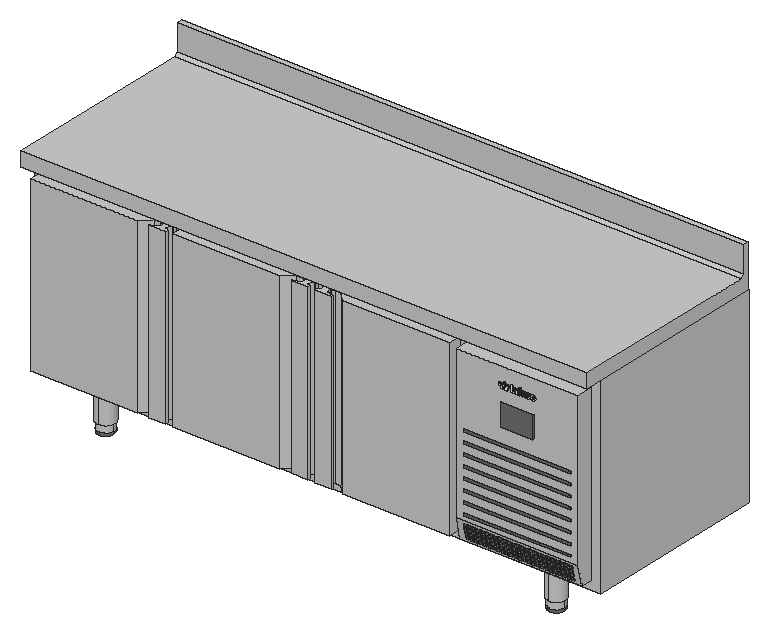
Revit family "QF_INFRICO_BMGN1960II_250808014312", category Specialty Equipment, Revit 2021 (continued)
Definition of nested family "QF_INFRICO_LEGS_8024"
  Types (29, lengths in mm): name | Model | Length | Height | Depth | CentralLegs
    LEGS_1960_700 | "LEGS_1960_700" | 1960 | 140 | 700 | no
    LEGS_1470_700 | "LEGS_1470_700" | 1468 | 140 | 700 | no
    LEGS_2450_700 | "LEGS_2450_700" | 2452 | 140 | 700 | yes
    LEGS_1470_600 | "LEGS_1470_600" | 1468 | 140 | 600 | no
    LEGS_1960_600 | "LEGS_1960_600" | 1960 | 140 | 600 | no
    LEGS_2450_600 | "LEGS_2450_600" | 2452 | 140 | 600 | yes
    LEGS_1610_800 | "LEGS_1610_800" | 1618 | 140 | 800 | no
    LEGS_2190_800 | "LEGS_2190_800" | 2185 | 140 | 800 | no
    LEGS_2750_800 | "LEGS_2750_800" | 2752 | 140 | 800 | yes
    LEGS_1160_700 | "LEGS_1160_700" | 1160 | 140 | 700 | no
    LEGS_1650_700 | "LEGS_1650_700" | 1652 | 140 | 700 | no
    LEGS_2140_700 | "LEGS_2140_700" | 2144 | 140 | 700 | yes
    LEGS_1960_640 | "LEGS_1960_640" | 1960 | 140 | 638 | no
    LEGS_1470_640 | "LEGS_1470_640" | 1468 | 140 | 638 | no
    LEGS_1160_600 | "LEGS_1160_600" | 1160 | 140 | 600 | no
    LEGS_1650_600 | "LEGS_1650_600" | 1652 | 140 | 600 | no
    LEGS_1310_800 | "LEGS_1310_800" | 1310 | 140 | 800 | no
    LEGS_1890_800 | "LEGS_1890_800" | 1877 | 140 | 800 | no
    LEGS_2440_800 | "LEGS_2440_800" | 2444 | 140 | 800 | yes
    LEGS_1610_740 | "LEGS_1610_740" | 1618 | 140 | 738 | no
    LEGS_2190_740 | "LEGS_2190_740" | 2185 | 140 | 738 | no
    LEGS_2140_600 | "LEGS_2140_600" | 2144 | 140 | 600 | yes
    LEGS_980_800 | "LEGS_980_800" | 980 | 150 | 800 | no
    LEGS_1470_800 | "LEGS_1470_800" | 1468 | 150 | 800 | no
    LEGS_1740_800 | "LEGS_1740_800" | 1738 | 140 | 800 | no
    LEGS_2300_800 | "LEGS_2300_800" | 2305 | 140 | 800 | yes
    LEGS_1690_800 | "LEGS_1690_800" | 1693 | 140 | 800 | no
    LEGS_2260_800 | "LEGS_2260_800" | 2260 | 140 | 800 | yes
    LEGS_1460_700 | "LEGS_1460_700" | 1460 | 140 | 700 | no
  Reference planes
    plane 1 "Back": y = 0
    plane 2: z = 0
    plane 3 "Left": x = 0
    plane 4 "Right": x = 2185
    plane 5 "Front": y = -738
    plane 6 "Top": z = 140
    plane 7 "Central": x = 1092.5
  Forms (mm)
    Extrusion 1, solid
      sketch origin (0, 0, 140) x (0, 1, 0) y (-1, 0, 0)
        loop
          line (-568, -154.986) -> (-668, -154.986) -> (-668, -244.986) -> (-568, -244.986) -> (-568, -154.986)
      from 0 to -3
    Extrusion 2, solid
      sketch origin (0, 0, 0) x (1, 0, 0) y (0, 1, 0)
        loop
          circle (199.986, -618) r 28
      from 9 to 35
    Extrusion 3, solid
      sketch origin (0, 0, 0) x (1, 0, 0) y (0, 1, 0)
        loop
          circle (199.986, -618) r 28.5
      from 0 to 9
    Sweep 4, solid
      path origin (0, 0, 0) x (0, 1, 0) y (0, 0, 1)
        loop
          line (-618, 35) -> (-618, 137)
      profile origin (0, -618, 86) x (0, -1, 0) y (1, 0, 0)
        loop
          circle (0, 199.986) r 32
    Extrusion 5, solid
      sketch origin (0, 500, 140) x (0, 1, 0) y (-1, 0, 0)
        loop
          line (-530, -154.986) -> (-630, -154.986) -> (-630, -244.986) -> (-530, -244.986) -> (-530, -154.986)
      from 0 to -3
    Extrusion 6, solid
      sketch origin (0, 500, 0) x (1, 0, 0) y (0, 1, 0)
        loop
          circle (199.986, -580) r 28
      from 9 to 35
    Extrusion 7, solid
      sketch origin (0, 500, 0) x (1, 0, 0) y (0, 1, 0)
        loop
          circle (199.986, -580) r 28.5
      from 0 to 9
    Sweep 8, solid
      path origin (0, 500, 0) x (0, 1, 0) y (0, 0, 1)
        loop
          line (-580, 35) -> (-580, 137)
      profile origin (0, -80, 86) x (0, -1, 0) y (1, 0, 0)
        loop
          circle (0, 199.986) r 32
    Extrusion 9, solid
      sketch origin (1560, 0, 140) x (0, 1, 0) y (-1, 0, 0)
        loop
          line (-568, -379.986) -> (-668, -379.986) -> (-668, -469.986) -> (-568, -469.986) -> (-568, -379.986)
      from 0 to -3
    Extrusion 10, solid
      sketch origin (1560, 0, 0) x (1, 0, 0) y (0, 1, 0)
        loop
          circle (424.986, -618) r 28
      from 9 to 35
    Extrusion 11, solid
      sketch origin (1560, 0, 0) x (1, 0, 0) y (0, 1, 0)
        loop
          circle (424.986, -618) r 28.5
      from 0 to 9
    Sweep 12, solid
      path origin (2185, 0, 0) x (0, -1, 0) y (0, 0, 1)
        loop
          line (618, 35) -> (618, 137)
      profile origin (2185, -618, 86) x (0, 1, 0) y (-1, 0, 0)
        loop
          circle (0, 199.986) r 32
    Extrusion 13, solid
      sketch origin (1560, 500, 140) x (0, 1, 0) y (-1, 0, 0)
        loop
          line (-530, -379.986) -> (-630, -379.986) -> (-630, -469.986) -> (-530, -469.986) -> (-530, -379.986)
      from 0 to -3
    Extrusion 14, solid
      sketch origin (1560, 500, 0) x (1, 0, 0) y (0, 1, 0)
        loop
          circle (424.986, -580) r 28
      from 9 to 35
    Extrusion 15, solid
      sketch origin (1560, 500, 0) x (1, 0, 0) y (0, 1, 0)
        loop
          circle (424.986, -580) r 28.5
      from 0 to 9
    Sweep 16, solid
      path origin (2185, 0, 0) x (0, -1, 0) y (0, 0, 1)
        loop
          line (80, 35) -> (80, 137)
      profile origin (2185, -80, 86) x (0, 1, 0) y (-1, 0, 0)
        loop
          circle (0, 199.986) r 32
    Extrusion 17, solid, visible <- "CentralLegs"
      sketch origin (534.014, 0, 140) x (0, 1, 0) y (-1, 0, 0)
        loop
          line (-568, -513.486) -> (-668, -513.486) -> (-668, -603.486) -> (-568, -603.486) -> (-568, -513.486)
      from 0 to -3
    Extrusion 18, solid, visible <- "CentralLegs"
      sketch origin (534.014, 0, 0) x (1, 0, 0) y (0, 1, 0)
        loop
          circle (558.486, -618) r 28
      from 9 to 35
    Extrusion 19, solid, visible <- "CentralLegs"
      sketch origin (534.014, 0, 0) x (1, 0, 0) y (0, 1, 0)
        loop
          circle (558.486, -618) r 28.5
      from 0 to 9
    Sweep 20, solid, visible <- "CentralLegs"
      path origin (1092.5, 0, 0) x (0, -1, 0) y (0, 0, 1)
        loop
          line (618, 35) -> (618, 137)
      profile origin (1092.5, -618, 86) x (0, 1, 0) y (-1, 0, 0)
        loop
          circle (0, -0.014) r 32
    Extrusion 21, solid, visible <- "CentralLegs"
      sketch origin (534.014, 500, 140) x (0, 1, 0) y (-1, 0, 0)
        loop
          line (-530, -513.486) -> (-630, -513.486) -> (-630, -603.486) -> (-530, -603.486) -> (-530, -513.486)
      from 0 to -3
    Extrusion 22, solid, visible <- "CentralLegs"
      sketch origin (534.014, 500, 0) x (1, 0, 0) y (0, 1, 0)
        loop
          circle (558.486, -580) r 28
      from 9 to 35
    Extrusion 23, solid, visible <- "CentralLegs"
      sketch origin (534.014, 500, 0) x (1, 0, 0) y (0, 1, 0)
        loop
          circle (558.486, -580) r 28.5
      from 0 to 9
    Sweep 24, solid, visible <- "CentralLegs"
      path origin (1092.5, 0, 0) x (0, -1, 0) y (0, 0, 1)
        loop
          line (80, 35) -> (80, 137)
      profile origin (1092.5, -80, 86) x (0, 1, 0) y (-1, 0, 0)
        loop
          circle (0, -0.014) r 32
  Dimensions and locks
    "Length": plane 3 "Left" to plane 4 "Right"
    "Depth": plane 1 "Back" to plane 5 "Front"
    "Height": plane 6 "Top" to plane 2
    equal spacing: plane 3 "Left", plane 7 "Central", plane 4 "Right"
    locked: Sweep 20 sketch curve to profile plane at 0.014
    locked: Sweep 24 sketch curve to profile plane at 0.014
    aligned and locked: level to plane 2
  Automatic sketch dimensions
    plane 5 "Front" to Extrusion 1 sketch curve = 70 mm
    Extrusion 1 sketch curve to Extrusion 1 sketch curve = 100 mm
    plane 3 "Left" to Extrusion 1 sketch curve = 244.986 mm
    Extrusion 1 sketch curve to Extrusion 1 sketch curve = 90 mm
    plane 3 "Left" to Extrusion 2 sketch curve = 199.986 mm
    plane 5 "Front" to Extrusion 2 sketch curve = 120 mm
    plane 3 "Left" to Extrusion 3 sketch curve = 199.986 mm
    plane 5 "Front" to Extrusion 3 sketch curve = 120 mm
    Sweep 4 sketch curve to plane 6 "Top" = 3 mm
    plane 5 "Front" to Sweep 4 sketch curve = 120 mm
    level to Sweep 4 sketch curve = 35 mm
    Sweep 4 sketch curve to profile plane = 0 mm
    plane 3 "Left" to Sweep 4 sketch curve = 199.986 mm
    plane 1 "Back" to Extrusion 5 sketch curve = 130 mm
    plane 1 "Back" to Extrusion 5 sketch curve = 30 mm
    plane 3 "Left" to Extrusion 5 sketch curve = 244.986 mm
    Extrusion 5 sketch curve to Extrusion 5 sketch curve = 90 mm
    plane 1 "Back" to Extrusion 6 sketch curve = 80 mm
    plane 3 "Left" to Extrusion 6 sketch curve = 199.986 mm
    plane 1 "Back" to Extrusion 7 sketch curve = 80 mm
    plane 3 "Left" to Extrusion 7 sketch curve = 199.986 mm
    Sweep 8 sketch curve to plane 6 "Top" = 3 mm
    plane 1 "Back" to Sweep 8 sketch curve = 80 mm
    level to Sweep 8 sketch curve = 35 mm
    Sweep 8 sketch curve to profile plane = 0 mm
    plane 3 "Left" to Sweep 8 sketch curve = 199.986 mm
    plane 5 "Front" to Extrusion 9 sketch curve = 70 mm
    Extrusion 9 sketch curve to Extrusion 9 sketch curve = 100 mm
    plane 4 "Right" to Extrusion 9 sketch curve = 155.014 mm
    Extrusion 9 sketch curve to Extrusion 9 sketch curve = 90 mm
    plane 4 "Right" to Extrusion 10 sketch curve = 200.014 mm
    plane 5 "Front" to Extrusion 10 sketch curve = 120 mm
    plane 4 "Right" to Extrusion 11 sketch curve = 200.014 mm
    plane 5 "Front" to Extrusion 11 sketch curve = 120 mm
    Sweep 12 sketch curve to profile plane = 0 mm
    profile plane to Sweep 12 sketch curve = 199.986 mm
    plane 1 "Back" to Extrusion 13 sketch curve = 130 mm
    plane 1 "Back" to Extrusion 13 sketch curve = 30 mm
    plane 4 "Right" to Extrusion 13 sketch curve = 155.014 mm
    Extrusion 13 sketch curve to Extrusion 13 sketch curve = 90 mm
    plane 1 "Back" to Extrusion 14 sketch curve = 80 mm
    plane 4 "Right" to Extrusion 14 sketch curve = 200.014 mm
    plane 1 "Back" to Extrusion 15 sketch curve = 80 mm
    plane 4 "Right" to Extrusion 15 sketch curve = 200.014 mm
    Sweep 16 sketch curve to profile plane = 0 mm
    profile plane to Sweep 16 sketch curve = 199.986 mm
    plane 5 "Front" to Extrusion 17 sketch curve = 70 mm
    Extrusion 17 sketch curve to plane 7 "Central" = 45 mm
    Extrusion 17 sketch curve to Extrusion 17 sketch curve = 100 mm
    plane 7 "Central" to Extrusion 17 sketch curve = 45 mm
    Extrusion 18 sketch curve to plane 7 "Central" = 0 mm
    plane 5 "Front" to Extrusion 18 sketch curve = 120 mm
    Extrusion 19 sketch curve to plane 7 "Central" = 0 mm
    plane 5 "Front" to Extrusion 19 sketch curve = 120 mm
    Sweep 20 sketch curve to profile plane = 0 mm
    plane 7 "Central" to Extrusion 21 sketch curve = 45 mm
    plane 1 "Back" to Extrusion 21 sketch curve = 130 mm
    plane 1 "Back" to Extrusion 21 sketch curve = 30 mm
    Extrusion 21 sketch curve to plane 7 "Central" = 45 mm
    Extrusion 22 sketch curve to plane 7 "Central" = 0 mm
    plane 1 "Back" to Extrusion 22 sketch curve = 80 mm
    Extrusion 23 sketch curve to plane 7 "Central" = 0 mm
    plane 1 "Back" to Extrusion 23 sketch curve = 80 mm
    Sweep 24 sketch curve to profile plane = 0 mm
    Sweep 16 sketch curve to plane 6 "Top" = 3 mm
    plane 1 "Back" to Sweep 16 sketch curve = 80 mm
    level to Sweep 16 sketch curve = 35 mm
    Sweep 12 sketch curve to plane 6 "Top" = 3 mm
    plane 5 "Front" to Sweep 12 sketch curve = 120 mm
    level to Sweep 12 sketch curve = 35 mm
    Sweep 20 sketch curve to plane 6 "Top" = 3 mm
    plane 5 "Front" to Sweep 20 sketch curve = 120 mm
    level to Sweep 20 sketch curve = 35 mm
    Sweep 24 sketch curve to plane 6 "Top" = 3 mm
    plane 1 "Back" to Sweep 24 sketch curve = 80 mm
    level to Sweep 24 sketch curve = 35 mm
    radius of Extrusion 2 sketch curve = 28 mm
    radius of Extrusion 3 sketch curve = 28.5 mm
    radius of Sweep 4 sketch curve = 32 mm
    radius of Extrusion 6 sketch curve = 28 mm
    radius of Extrusion 7 sketch curve = 28.5 mm
    radius of Sweep 8 sketch curve = 32 mm
    radius of Extrusion 10 sketch curve = 28 mm
    radius of Extrusion 11 sketch curve = 28.5 mm
    radius of Sweep 12 sketch curve = 32 mm
    radius of Extrusion 14 sketch curve = 28 mm
    radius of Extrusion 15 sketch curve = 28.5 mm
    radius of Sweep 16 sketch curve = 32 mm
    radius of Extrusion 18 sketch curve = 28 mm
    radius of Extrusion 19 sketch curve = 28.5 mm
    radius of Sweep 20 sketch curve = 32 mm
    radius of Extrusion 22 sketch curve = 28 mm
    radius of Extrusion 23 sketch curve = 28.5 mm
    radius of Sweep 24 sketch curve = 32 mm
Definition of nested family "CONN_POINT_DRAIN_2D___Generic_Annotation"
  Parameters (values of type "CONN_POINT_DRAIN_2D___Generic_Annotation")
    Onboard connection annotation symbol visibility [instance] = yes
  Reference planes
    plane 1: y = 0
    plane 2: x = 0
  Lines and regions (mm)
    detail lines, visible <- "Onboard connection annotation symbol visibility"
      curve 1: circle (0, 0, 0) r 0.5 normal (0, 0, 1)
      curve 2: line (-1, 0, 0) -> (1, 0, 0)
      curve 3: line (0, 1, 0) -> (0, -1, 0)
      curve 4: line (1.776, 1, 0) -> (1.25, 1, 0)
      curve 5: line (1.25, 1, 0) -> (1.25, -1, 0)
      curve 6: line (1.25, -1, 0) -> (1.776, -1, 0)
      curve 7: arc (2.206, -0.862, 0) -> (2.459, -0.589, 0) -> (2.583, -0.238, 0) r 0.918
      curve 8: arc (2.583, 0.238, 0) -> (2.459, 0.589, 0) -> (2.206, 0.862, 0) r 0.918
      curve 9: arc (2.583, -0.238, 0) -> (2.599, 0, 0) -> (2.583, 0.238, 0) r 1.77
      curve 10: arc (2.206, 0.862, 0) -> (2.002, 0.965, 0) -> (1.776, 1, 0) r 0.741
      curve 11: arc (1.776, -1, 0) -> (2.002, -0.965, 0) -> (2.206, -0.862, 0) r 0.741
Definition of nested family "CONN_POINT_ELE_2D___Generic_Annotation"
  Parameters (values of type "CONN_POINT_ELE_2D___Generic_Annotation")
    Onboard connection annotation symbol visibility [instance] = yes
  Reference planes
    plane 1: y = 0
    plane 2: x = 0
  Lines and regions (mm)
    detail lines, visible <- "Onboard connection annotation symbol visibility"
      curve 1: circle (0, 0, 0) r 0.5 normal (0, 0, 1)
      curve 2: line (-1, 0, 0) -> (1, 0, 0)
      curve 3: line (0, 1, 0) -> (0, -1, 0)
      curve 4: line (2.5, 1, 0) -> (1.25, 1, 0)
      curve 5: line (1.25, 1, 0) -> (1.25, -1, 0)
      curve 6: line (1.25, -1, 0) -> (2.5, -1, 0)
      curve 7: line (1.25, 0, 0) -> (2, 0, 0)
